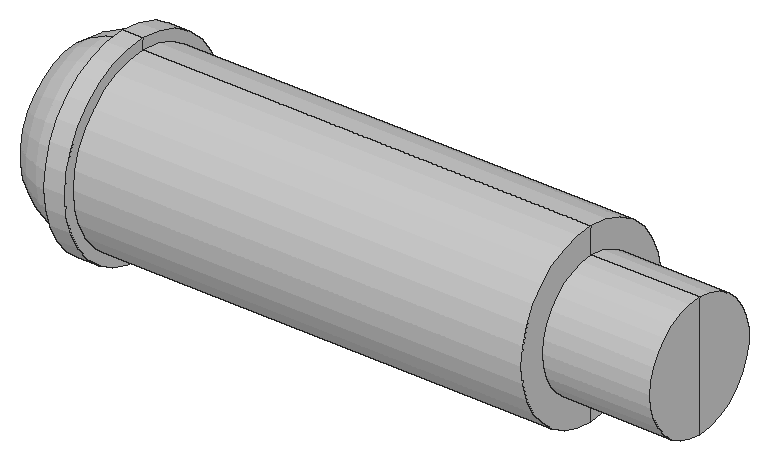
Revit family "6218_Gewindetülle mit Konus", category Rohrformteile, Revit 2021
Family settings
  Bemaßung runder Anschluss = Durchmesser verwenden
  Teiletyp = Verbindung
  OmniClass-Nummer = 23.65.55.14
  OmniClass-Titel = Valves for Liquid Services
  Arbeitsebenenbasiert = Nein
  Immer vertikal = Ja
  Beim Laden mit Abzugskörper schneiden = Nein
  Gemeinsam genutzt = Nein
Parameters (values of type "R1/2x76mm")
  Vorgabe-Ansicht = 0 mm
  URL = "www.herz-armaturen.at"
  SCRNSEQ = "AWI;AWI_TYP=\"1001\";1"
  SCRNCODE = "07;01;01"  # constant formula
  R01 = 11.2 mm  # constant formula
  O-Ring = "EPDM"  # constant formula
  Nennweite = 15 mm
  Gewindetülle = "Messing CW614N, vernickelt"  # constant formula
  Max. Betriebstemperatur = 110 °C  # constant formula
  Max. Betriebsdruck = 1000000.0 Pa  # constant formula
  Medium = "Heizungswasser nach ÖNORM H5195 oder VDI- Richtlinie 2035.\r\nDie Verwendung von Ethylen- oder Propyleneglykol in einem Mischungsverhältnis 25- 50% ist zulässig."
  L03 = 13.2 mm  # constant formula
  Hinweiß = "Der O-Ring dient als zusätzliche Dichtung, bei Verlust ist die Gewindetülle metallisch dichtend."
  L02 = 2.5 mm  # constant formula
  L01 = 8.1 mm  # constant formula
  L00 = if([1_2x36], 36.4 mm, if([1_2x39], 39.4 mm, if([1_2x42], 42.4 mm, if([1_2x48], 48.4 mm, if([1_2x76], 76 mm, 0 mm)))))  # 76 mm
  Hersteller = "HERZ Armaturen Ges.m.b.H."  # constant formula
  D04 = 7.5 mm  # constant formula
  Bestellnummer [instance] = if(L00 = 39.4 mm, 1621811, if(L00 = 42.4 mm, 1621821, if(L00 = 48.4 mm, 1621831, if(L00 = 36.4 mm, 1621841, if(L00 = 76 mm, 1621851, 0)))))  # 1621851
  D03 = 10.7 mm  # constant formula
  D02 = 8.6 mm  # constant formula
  D01 = 11.1 mm  # constant formula
  D00 = 12 mm  # constant formula
  Ausführung = "Gewindetülle, ohne Mutter, mit Konus, zum ausgleichen von Baumaßdifferenzen"
  1_2x76 = yes
  1_2x48 = no
  1_2x42 = no
  1_2x39 = no
  1_2x36 = no
Types (6, lengths in mm): name | L00 | Bestellnummer | 1_2x76 | 1_2x48 | 1_2x42 | 1_2x39 | 1_2x36
  (no name) | 76 | 1621851 | yes | no | no | no | no
  R1/2x39mm | 39.4 | 1621811 | no | no | no | yes | no
  R1/2x36mm | 36.4 | 1621841 | no | no | no | no | yes
  R1/2x42mm | 42.4 | 1621821 | no | no | yes | no | no
  R1/2x48mm | 48.4 | 1621831 | no | yes | no | no | no
  R1/2x76mm | 76 | 1621851 | yes | no | no | no | no
Reference planes
  plane 1 "Mitte (Vorne/hinten)": y = 0
  plane 2: z = 0
  plane 3 "Mitte (Links/rechts)": x = 0
Forms (mm)
  Revolve 1, solid, material "Messing, vernickelt", detail levels fine
    sketch origin (0, 0, 0) x (1, 0, 0) y (0, 0, 1)
      loop
        line (0, 0) -> (76, 0) -> (76, 7.5) -> (62.8, 7.5) -> (62.8, 10.7) -> (8.1, 10.7) -> (8.1, 12) -> (5.6, 12) -> (5.6, 11.1)
        arc (5.6, 11.1) -> (2.626, 10.241) -> (0, 8.6) r 11.2
        line (0, 8.6) -> (0, 0)
      axis (0, 0) -> (76, 0)
    angle from 0 to 360
Dimensions and locks
  "L01": Revolve 1 sketch curve to plane 3 "Mitte (Links/rechts)"
  "L00": Revolve 1 sketch curve to plane 3 "Mitte (Links/rechts)"
  "D00": Revolve 1 sketch curve to plane 2
  "L03": Revolve 1 sketch curve to Revolve 1 sketch curve
  "D03": Revolve 1 sketch curve to plane 2
  "D04": Revolve 1 sketch curve to plane 2
  "D02": Revolve 1 sketch curve to plane 2
  "D01": Revolve 1 sketch curve to plane 2
  "L02": Revolve 1 sketch curve to Revolve 1 sketch curve
  "R01": radius of Revolve 1 sketch curve
  aligned and locked: level to plane 2
Automatic sketch dimensions
  Revolve 1 sketch curve to level = 0 mm  (x2)
  Revolve 1 sketch curve to plane 3 "Mitte (Links/rechts)" = 0 mm
  Revolve 1 sketch curve to plane 3 "Mitte (Links/rechts)" = 1506.53 mm
  Revolve 1 sketch curve to Revolve 1 sketch curve = 1792.148 mm
Connectors
  piping at (76, 0, 0), diameter 15, driven by "Nennweite"
    settings: on Revolve 1, index 2, connector inside diameter 609.6 mm, connector length 0 mm, flow factor 0, pipe flow 0.0 L/s, pressure drop 0.0 Pa, fitting loss kfactor 0, connector angle 0.00°, fixture units 0, engagement length 0 mm, angle of deflection 0.00°, flow configuration 0, flow direction 0, fitting loss method 0, system type 29, joint type 0, gender type 0, connector reference index -1, connector utility 0, adjustable connector no, is connector primary yes, connector description ""
  piping at (0, 0, 0), diameter 15, driven by "Nennweite"
    settings: on Revolve 1, index 3, connector inside diameter 609.6 mm, connector length 0 mm, flow factor 0, pipe flow 0.0 L/s, pressure drop 0.0 Pa, fitting loss kfactor 0, connector angle 0.00°, fixture units 0, engagement length 0 mm, angle of deflection 0.00°, flow configuration 0, flow direction 0, fitting loss method 0, system type 7, joint type 0, gender type 0, connector reference index -1, connector utility 0, adjustable connector no, is connector primary no, connector description ""
